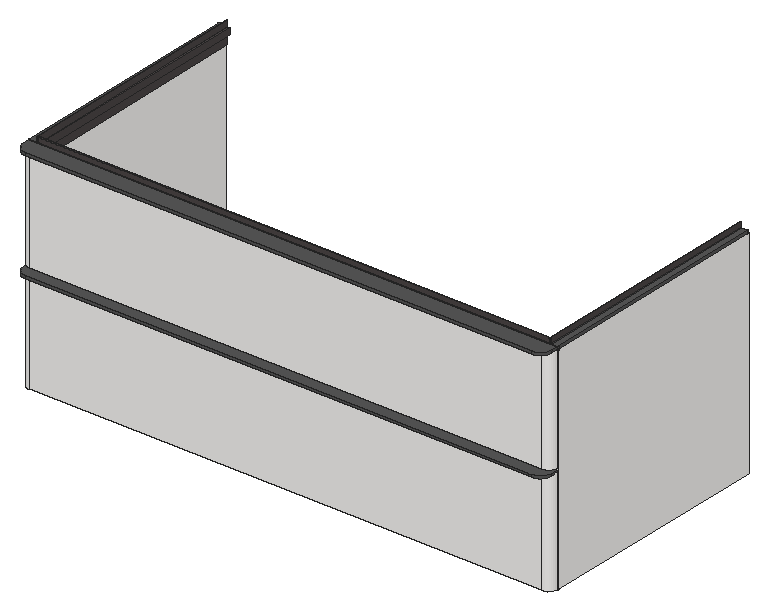
Revit family "vanity unit with 2 drawers for consoles with bowl", category Furniture, Revit 2019 (continued)
Definition of nested family "vanity unit 780_550 with 2 drawers for consoles with bowl-54074670-high gloss white-matt_black-400_content"
  Forms (mm)
    Extrusion 12, solid, visible <- "ContentVisible", detail levels medium+fine
      sketch origin (0, 0, 0) x (1, 0, 0) y (0, 0, -1)
        loop
          line (372.5, -446.8) -> (372.5, -485) -> (374, -485) -> (374, -446.8) -> (372.5, -446.8)
      from -530 to 0
    Extrusion 13, solid, visible <- "ContentVisible", detail levels medium+fine
      sketch origin (0, 0, 480) x (1, 0, 0) y (0, 1, 0)
        loop
          line (-390, -3) -> (-390, -527)
          arc (-390, -527) -> (-389.121, -529.121) -> (-387, -530) r 3
          line (-387, -530) -> (-374, -530) -> (-374, 0) -> (-387, 0)
          arc (-387, 0) -> (-389.121, -0.879) -> (-390, -3) r 3
      from 0 to 5
    Extrusion 14, solid, visible <- "ContentVisible", detail levels medium+fine
      sketch origin (0, 0, 480) x (1, 0, 0) y (0, 1, 0)
        loop
          line (374, 0) -> (374, -530) -> (387, -530)
          arc (387, -530) -> (389.121, -529.121) -> (390, -527) r 3
          line (390, -527) -> (390, -3)
          arc (390, -3) -> (389.121, -0.879) -> (387, 0) r 3
          line (387, 0) -> (374, 0)
      from 0 to 5
    Extrusion 15, solid, visible <- "ContentVisible", detail levels medium+fine
      sketch origin (0, 0, 0) x (1, 0, 0) y (0, 0, -1)
        loop
          line (-372.5, -447) -> (-372.5, -496) -> (-371, -496) -> (-371, -483) -> (-366.4, -483) -> (-366.4, -468.5) -> (-371, -468.5) -> (-371, -447) -> (-372.5, -447)
      from -528.5 to 0
    Extrusion 16, solid, visible <- "ContentVisible", detail levels medium+fine
      sketch origin (0, 0, 0) x (1, 0, 0) y (0, 0, -1)
        loop
          line (366.4, -468.5) -> (366.4, -483) -> (371, -483) -> (371, -496) -> (372.5, -496) -> (372.5, -447) -> (371, -447) -> (371, -468.5) -> (366.4, -468.5)
      from -528.5 to 0
    Extrusion 17, solid, visible <- "ContentVisible", detail levels medium+fine
      sketch origin (0, 0, 0) x (0, 0, -1) y (0, 1, 0)
        loop
          line (-496, -528.5) -> (-447, -528.5) -> (-447, -527) -> (-468.5, -527) -> (-468.5, -522.4) -> (-483, -522.4) -> (-483, -527) -> (-496, -527) -> (-496, -528.5)
      from -372.5 to 372.5
    Extrusion 18, solid, visible <- "ContentVisible", detail levels coarse
      sketch origin (0, -285.5, 0) x (1, 0, 0) y (0, 1, 0)
        loop
          line (-390, -285.5) -> (390, -285.5) -> (390, 285.5) -> (-390, 285.5) -> (-390, -285.5)
      from 0 to 496
  Dimensions and locks
    aligned and locked: level to plane 2
Definition of nested family "vanity unit 780_550 with 2 drawers for consoles with bowl-54074700-high gloss white-matt_white-200_content"
  Parameters (values of type "Vanity unit 780_550 with 2 drawers for consoles with bowl-54074700-High Gloss White-MATT_WHITE-200_Content")
    etim7_EC011381 = "EC011381"
    WEIGHT = "31.3"
    UNSPSC = "56 | Furniture and Furnishings"
    UNIFORMATII = "E2010 | Fixed Furnishings"
    UNICLASS_2015_CODE = "40_30_78_05"
    UNICLASS2015 = "Pr_40_30_78_05 | Bathroom furniture"
    SURFACE = "MATT_WHITE"
    REGIONSET = "Worldwide"
    PRODUCTURL = "https://pro.hansgrohe.com/articledetail--54074000"
    PRODUCTGROUP = "vanity unit"
    PRODUCTFAMILY = "Xelu Q"
    PERMALINK = "54074XXX"
    OMNICLASS = "23-21 19 15 33 13 | Residential Bathroom Specialty Casework"
    OBJECTTYPE = "Object (single object)"
    OBERFLAECHE = "High Gloss White"
    NN = "Vanity unit with 2 drawers for consoles with bowl"
    NBSYN = "$BASENUMBER.-$ARTNR.-$OBERFLAECHE.-$SURFACE.-$LODLEVEL."
    NB = "Vanity unit 780/550 with 2 drawers for consoles with bowl-54074700-High Gloss White-MATT_WHITE-200"
    NAME = "Xelu Q Vanity unit High Gloss White 780/550 with 2 drawers for consoles with bowl"
    Model = "Vanity unit 780/550 with 2 drawers for consoles with bowl-54074700-High Gloss White-MATT_WHITE-200"
    Manufacturer = "Hansgrohe"
    MASTERFORMAT = "12 35 30.23 | Bathroom Casework"
    LODLEVEL = "200"
    LINA = "Vanity unit 780/550 with 2 drawers for consoles with bowl-54074700-High Gloss White-MATT_WHITE-200"
    L = 780
    IFC = "Furnishing element"
    GTINCODE = "4059625456538"
    ETIM = "EC011381 | Bathroom furniture set"
    Default Elevation = 1219.2 mm
    DESIGN = "Germany"
    ContentVisible [instance] = yes
    CATALOG = "Hansgrohe"
    BIMOBJECT = "Sanitary: Compound units"
    BASENUMBER = "Vanity unit 780/550 with 2 drawers for consoles with bowl"
    ARTNR = "54074700"
  Reference planes
    plane 1 "Center (Front/Back)": y = 0
    plane 2: z = 0
    plane 3 "Center (Left/Right)": x = 0
  Forms (mm)
    Extrusion 1, solid, visible <- "ContentVisible", detail levels medium+fine
      sketch origin (0, 0, 0) x (1, 0, 0) y (0, 1, 0)
        loop
          line (-390, 0) -> (-390, -551) -> (390, -551) -> (390, 0) -> (374, 0) -> (374, -117) -> (-374, -117) -> (-374, 0) -> (-390, 0)
      from 0 to 480
    Extrusion 2, solid, visible <- "ContentVisible", detail levels medium+fine
      sketch origin (0, 0, 234) x (1, 0, 0) y (0, 1, 0)
        loop
          line (-388.5, -528.5) -> (-388.5, -571) -> (388.5, -571) -> (388.5, -528.5) -> (-388.5, -528.5)
      from 0 to 5
    Extrusion 3, solid, visible <- "ContentVisible", detail levels medium+fine
      sketch origin (0, 0, 480) x (1, 0, 0) y (0, 1, 0)
        loop
          line (-388.5, -528.5) -> (-388.5, -571) -> (388.5, -571) -> (388.5, -528.5) -> (-388.5, -528.5)
      from 0 to 5
    Extrusion 4, solid, visible <- "ContentVisible", detail levels medium+fine
      sketch origin (0, 0, 0) x (1, 0, 0) y (0, 0, -1)
        loop
          line (-374, -447) -> (-374, -485) -> (-372.5, -485) -> (-372.5, -447) -> (-374, -447)
      from -530 to 0
    Extrusion 5, solid, visible <- "ContentVisible", detail levels medium+fine
      sketch origin (0, 0, 0) x (1, 0, 0) y (0, 0, -1)
        loop
          line (372.5, -446.8) -> (372.5, -485) -> (374, -485) -> (374, -446.8) -> (372.5, -446.8)
      from -530 to 0
    Extrusion 6, solid, visible <- "ContentVisible", detail levels medium+fine
      sketch origin (0, 0, 480) x (1, 0, 0) y (0, 1, 0)
        loop
          line (-390, 0) -> (-390, -530) -> (-374, -530) -> (-374, 0) -> (-390, 0)
      from 0 to 5
    Extrusion 7, solid, visible <- "ContentVisible", detail levels medium+fine
      sketch origin (0, 0, 480) x (1, 0, 0) y (0, 1, 0)
        loop
          line (374, 0) -> (374, -530) -> (390, -530) -> (390, 0) -> (374, 0)
      from 0 to 5
    Extrusion 8, solid, visible <- "ContentVisible", detail levels medium+fine
      sketch origin (0, 0, 0) x (1, 0, 0) y (0, 0, -1)
        loop
          line (-372.5, -447) -> (-372.5, -496) -> (-366.4, -496) -> (-366.4, -447) -> (-372.5, -447)
      from -528.5 to 0
    Extrusion 9, solid, visible <- "ContentVisible", detail levels medium+fine
      sketch origin (0, 0, 0) x (1, 0, 0) y (0, 0, -1)
        loop
          line (366.4, -447) -> (366.4, -496) -> (372.5, -496) -> (372.5, -447) -> (366.4, -447)
      from -528.5 to 0
    Extrusion 10, solid, visible <- "ContentVisible", detail levels medium+fine
      sketch origin (0, 0, 0) x (0, 0, -1) y (0, 1, 0)
        loop
          line (-496, -528.5) -> (-447, -528.5) -> (-447, -522.4) -> (-496, -522.4) -> (-496, -528.5)
      from -372.5 to 372.5
    Extrusion 11, solid, visible <- "ContentVisible", detail levels coarse
      sketch origin (0, -285.5, 0) x (1, 0, 0) y (0, 1, 0)
        loop
          line (-390, -285.5) -> (390, -285.5) -> (390, 285.5) -> (-390, 285.5) -> (-390, -285.5)
      from 0 to 496
  Dimensions and locks
    aligned and locked: level to plane 2
Definition of nested family "vanity unit 780_550 with 2 drawers for consoles with bowl-54074700-high gloss white-matt_white-400_content"
  Parameters (values of type "Vanity unit 780_550 with 2 drawers for consoles with bowl-54074700-High Gloss White-MATT_WHITE-400_Content")
    etim7_EC011381 = "EC011381"
    WEIGHT = "31.3"
    UNSPSC = "56 | Furniture and Furnishings"
    UNIFORMATII = "E2010 | Fixed Furnishings"
    UNICLASS_2015_CODE = "40_30_78_05"
    UNICLASS2015 = "Pr_40_30_78_05 | Bathroom furniture"
    SURFACE = "MATT_WHITE"
    REGIONSET = "Worldwide"
    PRODUCTURL = "https://pro.hansgrohe.com/articledetail--54074000"
    PRODUCTGROUP = "vanity unit"
    PRODUCTFAMILY = "Xelu Q"
    PERMALINK = "54074XXX"
    OMNICLASS = "23-21 19 15 33 13 | Residential Bathroom Specialty Casework"
    OBJECTTYPE = "Object (single object)"
    OBERFLAECHE = "High Gloss White"
    NN = "Vanity unit with 2 drawers for consoles with bowl"
    NBSYN = "$BASENUMBER.-$ARTNR.-$OBERFLAECHE.-$SURFACE.-$LODLEVEL."
    NB = "Vanity unit 780/550 with 2 drawers for consoles with bowl-54074700-High Gloss White-MATT_WHITE-400"
    NAME = "Xelu Q Vanity unit High Gloss White 780/550 with 2 drawers for consoles with bowl"
    Model = "Vanity unit 780/550 with 2 drawers for consoles with bowl-54074700-High Gloss White-MATT_WHITE-400"
    Manufacturer = "Hansgrohe"
    MASTERFORMAT = "12 35 30.23 | Bathroom Casework"
    LODLEVEL = "400"
    LINA = "Vanity unit 780/550 with 2 drawers for consoles with bowl-54074700-High Gloss White-MATT_WHITE-400"
    L = 780
    IFC = "Furnishing element"
    GTINCODE = "4059625456538"
    ETIM = "EC011381 | Bathroom furniture set"
    Default Elevation = 1219.2 mm
    DESIGN = "Germany"
    ContentVisible [instance] = yes
    CATALOG = "Hansgrohe"
    BIMOBJECT = "Sanitary: Compound units"
    BASENUMBER = "Vanity unit 780/550 with 2 drawers for consoles with bowl"
    ARTNR = "54074700"
  Reference planes
    plane 1 "Center (Front/Back)": y = 0
    plane 2: z = 0
    plane 3 "Center (Left/Right)": x = 0
  Forms (mm)
    Extrusion 1, solid, visible <- "ContentVisible", detail levels medium+fine
      sketch origin (0, 0, 0) x (1, 0, 0) y (0, 1, 0)
        loop
          line (-390, 0) -> (-390, -527)
          arc (-390, -527) -> (-389.121, -529.121) -> (-387, -530) r 3
          line (-387, -530) -> (-374, -530) -> (-374, 0) -> (-390, 0)
      from 0 to 480
    Extrusion 2, solid, visible <- "ContentVisible", detail levels medium+fine
      sketch origin (0, 0, 0) x (1, 0, 0) y (0, 1, 0)
        loop
          line (-374, -133) -> (-374, -499.5) -> (374, -499.5) -> (374, -133) -> (-374, -133)
      from 0 to 16
    Extrusion 3, solid, visible <- "ContentVisible", detail levels medium+fine
      sketch origin (0, 0, 0) x (1, 0, 0) y (0, 1, 0)
        loop
          line (374, 0) -> (374, -530) -> (387, -530)
          arc (387, -530) -> (389.121, -529.121) -> (390, -527) r 3
          line (390, -527) -> (390, 0) -> (374, 0)
      from 0 to 480
    Extrusion 4, solid, visible <- "ContentVisible", detail levels medium+fine
      sketch origin (0, 0, 0) x (1, 0, 0) y (0, 1, 0)
        loop
          line (-374, -117) -> (-374, -133) -> (374, -133) -> (374, -117) -> (-374, -117)
      from 0 to 126
    Extrusion 5, solid, visible <- "ContentVisible", detail levels medium+fine
      sketch origin (0, 0, 2) x (1, 0, 0) y (0, 1, 0)
        loop
          arc (-390, -532) -> (-384.435, -545.435) -> (-371, -551) r 19
          line (-371, -551) -> (371, -551)
          arc (371, -551) -> (384.435, -545.435) -> (390, -532) r 19
          line (390, -532) -> (390, -530) -> (-390, -530) -> (-390, -532)
      from 0 to 234
    Extrusion 6, solid, visible <- "ContentVisible", detail levels medium+fine
      sketch origin (0, 0, 234) x (1, 0, 0) y (0, 1, 0)
        loop
          line (-388.5, -530) -> (-388.5, -546)
          arc (-388.5, -546) -> (-381.178, -563.678) -> (-363.5, -571) r 25
          line (-363.5, -571) -> (363.5, -571)
          arc (363.5, -571) -> (381.178, -563.678) -> (388.5, -546) r 25
          line (388.5, -546) -> (388.5, -530) -> (368.5, -530) -> (368.5, -528.5) -> (-368.5, -528.5) -> (-368.5, -530) -> (-388.5, -530)
      from 0 to 5
    Extrusion 7, solid, visible <- "ContentVisible", detail levels medium+fine
      sketch origin (0, 0, 0) x (0, 0, -1) y (0, 1, 0)
        loop
          line (-239, -528.5) -> (-239, -530) -> (-209, -530) -> (-209, -528.5) -> (-239, -528.5)
      from -368.5 to 368.5
    Extrusion 8, solid, visible <- "ContentVisible", detail levels medium+fine
      sketch origin (0, 0, 245) x (1, 0, 0) y (0, 1, 0)
        loop
          arc (-390, -532) -> (-384.435, -545.435) -> (-371, -551) r 19
          line (-371, -551) -> (371, -551)
          arc (371, -551) -> (384.435, -545.435) -> (390, -532) r 19
          line (390, -532) -> (390, -530) -> (-390, -530) -> (-390, -532)
      from 0 to 235
    Extrusion 9, solid, visible <- "ContentVisible", detail levels medium+fine
      sketch origin (0, 0, 480) x (1, 0, 0) y (0, 1, 0)
        loop
          line (-388.5, -530) -> (-388.5, -546)
          arc (-388.5, -546) -> (-381.178, -563.678) -> (-363.5, -571) r 25
          line (-363.5, -571) -> (363.5, -571)
          arc (363.5, -571) -> (381.178, -563.678) -> (388.5, -546) r 25
          line (388.5, -546) -> (388.5, -530) -> (368.5, -530) -> (368.5, -528.5) -> (-368.5, -528.5) -> (-368.5, -530) -> (-388.5, -530)
      from 0 to 5
    Extrusion 10, solid, visible <- "ContentVisible", detail levels medium+fine
      sketch origin (0, 0, 0) x (0, 0, -1) y (0, 1, 0)
        loop
          line (-485, -528.5) -> (-485, -530) -> (-455, -530) -> (-455, -528.5) -> (-485, -528.5)
      from -368.5 to 368.5
    Extrusion 11, solid, visible <- "ContentVisible", detail levels medium+fine
      sketch origin (0, 0, 0) x (1, 0, 0) y (0, 0, -1)
        loop
          line (-374, -447) -> (-374, -485) -> (-372.5, -485) -> (-372.5, -447) -> (-374, -447)
      from -530 to 0
    Extrusion 12, solid, visible <- "ContentVisible", detail levels medium+fine
      sketch origin (0, 0, 0) x (1, 0, 0) y (0, 0, -1)
        loop
          line (372.5, -446.8) -> (372.5, -485) -> (374, -485) -> (374, -446.8) -> (372.5, -446.8)
      from -530 to 0
    Extrusion 13, solid, visible <- "ContentVisible", detail levels medium+fine
      sketch origin (0, 0, 480) x (1, 0, 0) y (0, 1, 0)
        loop
          line (-390, -3) -> (-390, -527)
          arc (-390, -527) -> (-389.121, -529.121) -> (-387, -530) r 3
          line (-387, -530) -> (-374, -530) -> (-374, 0) -> (-387, 0)
          arc (-387, 0) -> (-389.121, -0.879) -> (-390, -3) r 3
      from 0 to 5
    Extrusion 14, solid, visible <- "ContentVisible", detail levels medium+fine
      sketch origin (0, 0, 480) x (1, 0, 0) y (0, 1, 0)
        loop
          line (374, 0) -> (374, -530) -> (387, -530)
          arc (387, -530) -> (389.121, -529.121) -> (390, -527) r 3
          line (390, -527) -> (390, -3)
          arc (390, -3) -> (389.121, -0.879) -> (387, 0) r 3
          line (387, 0) -> (374, 0)
      from 0 to 5
    Extrusion 15, solid, visible <- "ContentVisible", detail levels medium+fine
      sketch origin (0, 0, 0) x (1, 0, 0) y (0, 0, -1)
        loop
          line (-372.5, -447) -> (-372.5, -496) -> (-371, -496) -> (-371, -483) -> (-366.4, -483) -> (-366.4, -468.5) -> (-371, -468.5) -> (-371, -447) -> (-372.5, -447)
      from -528.5 to 0
    Extrusion 16, solid, visible <- "ContentVisible", detail levels medium+fine
      sketch origin (0, 0, 0) x (1, 0, 0) y (0, 0, -1)
        loop
          line (366.4, -468.5) -> (366.4, -483) -> (371, -483) -> (371, -496) -> (372.5, -496) -> (372.5, -447) -> (371, -447) -> (371, -468.5) -> (366.4, -468.5)
      from -528.5 to 0
    Extrusion 17, solid, visible <- "ContentVisible", detail levels medium+fine
      sketch origin (0, 0, 0) x (0, 0, -1) y (0, 1, 0)
        loop
          line (-496, -528.5) -> (-447, -528.5) -> (-447, -527) -> (-468.5, -527) -> (-468.5, -522.4) -> (-483, -522.4) -> (-483, -527) -> (-496, -527) -> (-496, -528.5)
      from -372.5 to 372.5
    Extrusion 18, solid, visible <- "ContentVisible", detail levels coarse
      sketch origin (0, -285.5, 0) x (1, 0, 0) y (0, 1, 0)
        loop
          line (-390, -285.5) -> (390, -285.5) -> (390, 285.5) -> (-390, 285.5) -> (-390, -285.5)
      from 0 to 496
  Dimensions and locks
    aligned and locked: level to plane 2
Definition of nested family "vanity unit 780_550 with 2 drawers for consoles with bowl-54075000-diamond matt grey-chrome-200_content"
  Parameters (values of type "Vanity unit 780_550 with 2 drawers for consoles with bowl-54075000-Diamond Matt Grey-CHROME-200_Content")
    etim7_EC011381 = "EC011381"
    WEIGHT = "31.3"
    UNSPSC = "56 | Furniture and Furnishings"
    UNIFORMATII = "E2010 | Fixed Furnishings"
    UNICLASS_2015_CODE = "40_30_78_05"
    UNICLASS2015 = "Pr_40_30_78_05 | Bathroom furniture"
    SURFACE = "CHROME"
    REGIONSET = "Worldwide"
    PRODUCTURL = "https://pro.hansgrohe.com/articledetail--54075000"
    PRODUCTGROUP = "vanity unit"
    PRODUCTFAMILY = "Xelu Q"
    PERMALINK = "54075XXX"
    OMNICLASS = "23-21 19 15 33 13 | Residential Bathroom Specialty Casework"
    OBJECTTYPE = "Object (single object)"
    OBERFLAECHE = "Diamond Matt Grey"
    NN = "Vanity unit with 2 drawers for consoles with bowl"
    NBSYN = "$BASENUMBER.-$ARTNR.-$OBERFLAECHE.-$SURFACE.-$LODLEVEL."
    NB = "Vanity unit 780/550 with 2 drawers for consoles with bowl-54075000-Diamond Matt Grey-CHROME-200"
    NAME = "Xelu Q Vanity unit Diamond Matt Grey 780/550 with 2 drawers for consoles with bowl"
    Model = "Vanity unit 780/550 with 2 drawers for consoles with bowl-54075000-Diamond Matt Grey-CHROME-200"
    Manufacturer = "Hansgrohe"
    MASTERFORMAT = "12 35 30.23 | Bathroom Casework"
    LODLEVEL = "200"
    LINA = "Vanity unit 780/550 with 2 drawers for consoles with bowl-54075000-Diamond Matt Grey-CHROME-200"
    L = 780
    IFC = "Furnishing element"
    GTINCODE = "4059625456507"
    ETIM = "EC011381 | Bathroom furniture set"
    Default Elevation = 1219.2 mm
    DESIGN = "Germany"
    ContentVisible [instance] = yes
    CATALOG = "Hansgrohe"
    BIMOBJECT = "Sanitary: Compound units"
    BASENUMBER = "Vanity unit 780/550 with 2 drawers for consoles with bowl"
    ARTNR = "54075000"
  Reference planes
    plane 1 "Center (Front/Back)": y = 0
    plane 2: z = 0
    plane 3 "Center (Left/Right)": x = 0
  Forms (mm)
    Extrusion 1, solid, visible <- "ContentVisible", detail levels medium+fine
      sketch origin (0, 0, 0) x (1, 0, 0) y (0, 1, 0)
        loop
          line (-390, 0) -> (-390, -551) -> (390, -551) -> (390, 0) -> (374, 0) -> (374, -117) -> (-374, -117) -> (-374, 0) -> (-390, 0)
      from 0 to 480
    Extrusion 2, solid, visible <- "ContentVisible", detail levels medium+fine
      sketch origin (0, 0, 234) x (1, 0, 0) y (0, 1, 0)
        loop
          line (-388.5, -528.5) -> (-388.5, -571) -> (388.5, -571) -> (388.5, -528.5) -> (-388.5, -528.5)
      from 0 to 5
    Extrusion 3, solid, visible <- "ContentVisible", detail levels medium+fine
      sketch origin (0, 0, 480) x (1, 0, 0) y (0, 1, 0)
        loop
          line (-388.5, -528.5) -> (-388.5, -571) -> (388.5, -571) -> (388.5, -528.5) -> (-388.5, -528.5)
      from 0 to 5
    Extrusion 4, solid, visible <- "ContentVisible", detail levels medium+fine
      sketch origin (0, 0, 0) x (1, 0, 0) y (0, 0, -1)
        loop
          line (-374, -447) -> (-374, -485) -> (-372.5, -485) -> (-372.5, -447) -> (-374, -447)
      from -530 to 0
    Extrusion 5, solid, visible <- "ContentVisible", detail levels medium+fine
      sketch origin (0, 0, 0) x (1, 0, 0) y (0, 0, -1)
        loop
          line (372.5, -446.8) -> (372.5, -485) -> (374, -485) -> (374, -446.8) -> (372.5, -446.8)
      from -530 to 0
    Extrusion 6, solid, visible <- "ContentVisible", detail levels medium+fine
      sketch origin (0, 0, 480) x (1, 0, 0) y (0, 1, 0)
        loop
          line (-390, 0) -> (-390, -530) -> (-374, -530) -> (-374, 0) -> (-390, 0)
      from 0 to 5
    Extrusion 7, solid, visible <- "ContentVisible", detail levels medium+fine
      sketch origin (0, 0, 480) x (1, 0, 0) y (0, 1, 0)
        loop
          line (374, 0) -> (374, -530) -> (390, -530) -> (390, 0) -> (374, 0)
      from 0 to 5
    Extrusion 8, solid, visible <- "ContentVisible", detail levels medium+fine
      sketch origin (0, 0, 0) x (1, 0, 0) y (0, 0, -1)
        loop
          line (-372.5, -447) -> (-372.5, -496) -> (-366.4, -496) -> (-366.4, -447) -> (-372.5, -447)
      from -528.5 to 0
    Extrusion 9, solid, visible <- "ContentVisible", detail levels medium+fine
      sketch origin (0, 0, 0) x (1, 0, 0) y (0, 0, -1)
        loop
          line (366.4, -447) -> (366.4, -496) -> (372.5, -496) -> (372.5, -447) -> (366.4, -447)
      from -528.5 to 0
    Extrusion 10, solid, visible <- "ContentVisible", detail levels medium+fine
      sketch origin (0, 0, 0) x (0, 0, -1) y (0, 1, 0)
        loop
          line (-496, -528.5) -> (-447, -528.5) -> (-447, -522.4) -> (-496, -522.4) -> (-496, -528.5)
      from -372.5 to 372.5
    Extrusion 11, solid, visible <- "ContentVisible", detail levels coarse
      sketch origin (0, -285.5, 0) x (1, 0, 0) y (0, 1, 0)
        loop
          line (-390, -285.5) -> (390, -285.5) -> (390, 285.5) -> (-390, 285.5) -> (-390, -285.5)
      from 0 to 496
  Dimensions and locks
    aligned and locked: level to plane 2
Definition of nested family "vanity unit 780_550 with 2 drawers for consoles with bowl-54075000-diamond matt grey-chrome-400_content"
  Parameters (values of type "Vanity unit 780_550 with 2 drawers for consoles with bowl-54075000-Diamond Matt Grey-CHROME-400_Content")
    etim7_EC011381 = "EC011381"
    WEIGHT = "31.3"
    UNSPSC = "56 | Furniture and Furnishings"
    UNIFORMATII = "E2010 | Fixed Furnishings"
    UNICLASS_2015_CODE = "40_30_78_05"
    UNICLASS2015 = "Pr_40_30_78_05 | Bathroom furniture"
    SURFACE = "CHROME"
    REGIONSET = "Worldwide"
    PRODUCTURL = "https://pro.hansgrohe.com/articledetail--54075000"
    PRODUCTGROUP = "vanity unit"
    PRODUCTFAMILY = "Xelu Q"
    PERMALINK = "54075XXX"
    OMNICLASS = "23-21 19 15 33 13 | Residential Bathroom Specialty Casework"
    OBJECTTYPE = "Object (single object)"
    OBERFLAECHE = "Diamond Matt Grey"
    NN = "Vanity unit with 2 drawers for consoles with bowl"
    NBSYN = "$BASENUMBER.-$ARTNR.-$OBERFLAECHE.-$SURFACE.-$LODLEVEL."
    NB = "Vanity unit 780/550 with 2 drawers for consoles with bowl-54075000-Diamond Matt Grey-CHROME-400"
    NAME = "Xelu Q Vanity unit Diamond Matt Grey 780/550 with 2 drawers for consoles with bowl"
    Model = "Vanity unit 780/550 with 2 drawers for consoles with bowl-54075000-Diamond Matt Grey-CHROME-400"
    Manufacturer = "Hansgrohe"
    MASTERFORMAT = "12 35 30.23 | Bathroom Casework"
    LODLEVEL = "400"
    LINA = "Vanity unit 780/550 with 2 drawers for consoles with bowl-54075000-Diamond Matt Grey-CHROME-400"
    L = 780
    IFC = "Furnishing element"
    GTINCODE = "4059625456507"
    ETIM = "EC011381 | Bathroom furniture set"
    Default Elevation = 1219.2 mm
    DESIGN = "Germany"
    ContentVisible [instance] = yes
    CATALOG = "Hansgrohe"
    BIMOBJECT = "Sanitary: Compound units"
    BASENUMBER = "Vanity unit 780/550 with 2 drawers for consoles with bowl"
    ARTNR = "54075000"
  Reference planes
    plane 1 "Center (Front/Back)": y = 0
    plane 2: z = 0
    plane 3 "Center (Left/Right)": x = 0
  Forms (mm)
    Extrusion 1, solid, visible <- "ContentVisible", detail levels medium+fine
      sketch origin (0, 0, 0) x (1, 0, 0) y (0, 1, 0)
        loop
          line (-390, 0) -> (-390, -527)
          arc (-390, -527) -> (-389.121, -529.121) -> (-387, -530) r 3
          line (-387, -530) -> (-374, -530) -> (-374, 0) -> (-390, 0)
      from 0 to 480
    Extrusion 2, solid, visible <- "ContentVisible", detail levels medium+fine
      sketch origin (0, 0, 0) x (1, 0, 0) y (0, 1, 0)
        loop
          line (-374, -133) -> (-374, -499.5) -> (374, -499.5) -> (374, -133) -> (-374, -133)
      from 0 to 16
    Extrusion 3, solid, visible <- "ContentVisible", detail levels medium+fine
      sketch origin (0, 0, 0) x (1, 0, 0) y (0, 1, 0)
        loop
          line (374, 0) -> (374, -530) -> (387, -530)
          arc (387, -530) -> (389.121, -529.121) -> (390, -527) r 3
          line (390, -527) -> (390, 0) -> (374, 0)
      from 0 to 480
    Extrusion 4, solid, visible <- "ContentVisible", detail levels medium+fine
      sketch origin (0, 0, 0) x (1, 0, 0) y (0, 1, 0)
        loop
          line (-374, -117) -> (-374, -133) -> (374, -133) -> (374, -117) -> (-374, -117)
      from 0 to 126
    Extrusion 5, solid, visible <- "ContentVisible", detail levels medium+fine
      sketch origin (0, 0, 2) x (1, 0, 0) y (0, 1, 0)
        loop
          arc (-390, -532) -> (-384.435, -545.435) -> (-371, -551) r 19
          line (-371, -551) -> (371, -551)
          arc (371, -551) -> (384.435, -545.435) -> (390, -532) r 19
          line (390, -532) -> (390, -530) -> (-390, -530) -> (-390, -532)
      from 0 to 234
    Extrusion 6, solid, visible <- "ContentVisible", detail levels medium+fine
      sketch origin (0, 0, 234) x (1, 0, 0) y (0, 1, 0)
        loop
          line (-388.5, -530) -> (-388.5, -546)
          arc (-388.5, -546) -> (-381.178, -563.678) -> (-363.5, -571) r 25
          line (-363.5, -571) -> (363.5, -571)
          arc (363.5, -571) -> (381.178, -563.678) -> (388.5, -546) r 25
          line (388.5, -546) -> (388.5, -530) -> (368.5, -530) -> (368.5, -528.5) -> (-368.5, -528.5) -> (-368.5, -530) -> (-388.5, -530)
      from 0 to 5
    Extrusion 7, solid, visible <- "ContentVisible", detail levels medium+fine
      sketch origin (0, 0, 0) x (0, 0, -1) y (0, 1, 0)
        loop
          line (-239, -528.5) -> (-239, -530) -> (-209, -530) -> (-209, -528.5) -> (-239, -528.5)
      from -368.5 to 368.5
    Extrusion 8, solid, visible <- "ContentVisible", detail levels medium+fine
      sketch origin (0, 0, 245) x (1, 0, 0) y (0, 1, 0)
        loop
          arc (-390, -532) -> (-384.435, -545.435) -> (-371, -551) r 19
          line (-371, -551) -> (371, -551)
          arc (371, -551) -> (384.435, -545.435) -> (390, -532) r 19
          line (390, -532) -> (390, -530) -> (-390, -530) -> (-390, -532)
      from 0 to 235
    Extrusion 9, solid, visible <- "ContentVisible", detail levels medium+fine
      sketch origin (0, 0, 480) x (1, 0, 0) y (0, 1, 0)
        loop
          line (-388.5, -530) -> (-388.5, -546)
          arc (-388.5, -546) -> (-381.178, -563.678) -> (-363.5, -571) r 25
          line (-363.5, -571) -> (363.5, -571)
          arc (363.5, -571) -> (381.178, -563.678) -> (388.5, -546) r 25
          line (388.5, -546) -> (388.5, -530) -> (368.5, -530) -> (368.5, -528.5) -> (-368.5, -528.5) -> (-368.5, -530) -> (-388.5, -530)
      from 0 to 5
    Extrusion 10, solid, visible <- "ContentVisible", detail levels medium+fine
      sketch origin (0, 0, 0) x (0, 0, -1) y (0, 1, 0)
        loop
          line (-485, -528.5) -> (-485, -530) -> (-455, -530) -> (-455, -528.5) -> (-485, -528.5)
      from -368.5 to 368.5
    Extrusion 11, solid, visible <- "ContentVisible", detail levels medium+fine
      sketch origin (0, 0, 0) x (1, 0, 0) y (0, 0, -1)
        loop
          line (-374, -447) -> (-374, -485) -> (-372.5, -485) -> (-372.5, -447) -> (-374, -447)
      from -530 to 0
    Extrusion 12, solid, visible <- "ContentVisible", detail levels medium+fine
      sketch origin (0, 0, 0) x (1, 0, 0) y (0, 0, -1)
        loop
          line (372.5, -446.8) -> (372.5, -485) -> (374, -485) -> (374, -446.8) -> (372.5, -446.8)
      from -530 to 0
    Extrusion 13, solid, visible <- "ContentVisible", detail levels medium+fine
      sketch origin (0, 0, 480) x (1, 0, 0) y (0, 1, 0)
        loop
          line (-390, -3) -> (-390, -527)
          arc (-390, -527) -> (-389.121, -529.121) -> (-387, -530) r 3
          line (-387, -530) -> (-374, -530) -> (-374, 0) -> (-387, 0)
          arc (-387, 0) -> (-389.121, -0.879) -> (-390, -3) r 3
      from 0 to 5
    Extrusion 14, solid, visible <- "ContentVisible", detail levels medium+fine
      sketch origin (0, 0, 480) x (1, 0, 0) y (0, 1, 0)
        loop
          line (374, 0) -> (374, -530) -> (387, -530)
          arc (387, -530) -> (389.121, -529.121) -> (390, -527) r 3
          line (390, -527) -> (390, -3)
          arc (390, -3) -> (389.121, -0.879) -> (387, 0) r 3
          line (387, 0) -> (374, 0)
      from 0 to 5
    Extrusion 15, solid, visible <- "ContentVisible", detail levels medium+fine
      sketch origin (0, 0, 0) x (1, 0, 0) y (0, 0, -1)
        loop
          line (-372.5, -447) -> (-372.5, -496) -> (-371, -496) -> (-371, -483) -> (-366.4, -483) -> (-366.4, -468.5) -> (-371, -468.5) -> (-371, -447) -> (-372.5, -447)
      from -528.5 to 0
    Extrusion 16, solid, visible <- "ContentVisible", detail levels medium+fine
      sketch origin (0, 0, 0) x (1, 0, 0) y (0, 0, -1)
        loop
          line (366.4, -468.5) -> (366.4, -483) -> (371, -483) -> (371, -496) -> (372.5, -496) -> (372.5, -447) -> (371, -447) -> (371, -468.5) -> (366.4, -468.5)
      from -528.5 to 0
    Extrusion 17, solid, visible <- "ContentVisible", detail levels medium+fine
      sketch origin (0, 0, 0) x (0, 0, -1) y (0, 1, 0)
        loop
          line (-496, -528.5) -> (-447, -528.5) -> (-447, -527) -> (-468.5, -527) -> (-468.5, -522.4) -> (-483, -522.4) -> (-483, -527) -> (-496, -527) -> (-496, -528.5)
      from -372.5 to 372.5
    Extrusion 18, solid, visible <- "ContentVisible", detail levels coarse
      sketch origin (0, -285.5, 0) x (1, 0, 0) y (0, 1, 0)
        loop
          line (-390, -285.5) -> (390, -285.5) -> (390, 285.5) -> (-390, 285.5) -> (-390, -285.5)
      from 0 to 496
  Dimensions and locks
    aligned and locked: level to plane 2
Definition of nested family "vanity unit 780_550 with 2 drawers for consoles with bowl-54075670-diamond matt grey-matt_black-200_content"
  Parameters (values of type "Vanity unit 780_550 with 2 drawers for consoles with bowl-54075670-Diamond Matt Grey-MATT_BLACK-200_Content")
    etim7_EC011381 = "EC011381"
    WEIGHT = "31.3"
    UNSPSC = "56 | Furniture and Furnishings"
    UNIFORMATII = "E2010 | Fixed Furnishings"
    UNICLASS_2015_CODE = "40_30_78_05"
    UNICLASS2015 = "Pr_40_30_78_05 | Bathroom furniture"
    SURFACE = "MATT_BLACK"
    REGIONSET = "Worldwide"
    PRODUCTURL = "https://pro.hansgrohe.com/articledetail--54075000"
    PRODUCTGROUP = "vanity unit"
    PRODUCTFAMILY = "Xelu Q"
    PERMALINK = "54075XXX"
    OMNICLASS = "23-21 19 15 33 13 | Residential Bathroom Specialty Casework"
    OBJECTTYPE = "Object (single object)"
    OBERFLAECHE = "Diamond Matt Grey"
    NN = "Vanity unit with 2 drawers for consoles with bowl"
    NBSYN = "$BASENUMBER.-$ARTNR.-$OBERFLAECHE.-$SURFACE.-$LODLEVEL."
    NB = "Vanity unit 780/550 with 2 drawers for consoles with bowl-54075670-Diamond Matt Grey-MATT_BLACK-200"
    NAME = "Xelu Q Vanity unit Diamond Matt Grey 780/550 with 2 drawers for consoles with bowl"
    Model = "Vanity unit 780/550 with 2 drawers for consoles with bowl-54075670-Diamond Matt Grey-MATT_BLACK-200"
    Manufacturer = "Hansgrohe"
    MASTERFORMAT = "12 35 30.23 | Bathroom Casework"
    LODLEVEL = "200"
    LINA = "Vanity unit 780/550 with 2 drawers for consoles with bowl-54075670-Diamond Matt Grey-MATT_BLACK-200"
    L = 780
    IFC = "Furnishing element"
    GTINCODE = "4059625456507"
    ETIM = "EC011381 | Bathroom furniture set"
    Default Elevation = 1219.2 mm
    DESIGN = "Germany"
    ContentVisible [instance] = yes
    CATALOG = "Hansgrohe"
    BIMOBJECT = "Sanitary: Compound units"
    BASENUMBER = "Vanity unit 780/550 with 2 drawers for consoles with bowl"
    ARTNR = "54075670"
  Reference planes
    plane 1 "Center (Front/Back)": y = 0
    plane 2: z = 0
    plane 3 "Center (Left/Right)": x = 0
  Forms (mm)
    Extrusion 1, solid, visible <- "ContentVisible", detail levels medium+fine
      sketch origin (0, 0, 0) x (1, 0, 0) y (0, 1, 0)
        loop
          line (-390, 0) -> (-390, -551) -> (390, -551) -> (390, 0) -> (374, 0) -> (374, -117) -> (-374, -117) -> (-374, 0) -> (-390, 0)
      from 0 to 480
    Extrusion 2, solid, visible <- "ContentVisible", detail levels medium+fine
      sketch origin (0, 0, 234) x (1, 0, 0) y (0, 1, 0)
        loop
          line (-388.5, -528.5) -> (-388.5, -571) -> (388.5, -571) -> (388.5, -528.5) -> (-388.5, -528.5)
      from 0 to 5
    Extrusion 3, solid, visible <- "ContentVisible", detail levels medium+fine
      sketch origin (0, 0, 480) x (1, 0, 0) y (0, 1, 0)
        loop
          line (-388.5, -528.5) -> (-388.5, -571) -> (388.5, -571) -> (388.5, -528.5) -> (-388.5, -528.5)
      from 0 to 5
    Extrusion 4, solid, visible <- "ContentVisible", detail levels medium+fine
      sketch origin (0, 0, 0) x (1, 0, 0) y (0, 0, -1)
        loop
          line (-374, -447) -> (-374, -485) -> (-372.5, -485) -> (-372.5, -447) -> (-374, -447)
      from -530 to 0
    Extrusion 5, solid, visible <- "ContentVisible", detail levels medium+fine
      sketch origin (0, 0, 0) x (1, 0, 0) y (0, 0, -1)
        loop
          line (372.5, -446.8) -> (372.5, -485) -> (374, -485) -> (374, -446.8) -> (372.5, -446.8)
      from -530 to 0
    Extrusion 6, solid, visible <- "ContentVisible", detail levels medium+fine
      sketch origin (0, 0, 480) x (1, 0, 0) y (0, 1, 0)
        loop
          line (-390, 0) -> (-390, -530) -> (-374, -530) -> (-374, 0) -> (-390, 0)
      from 0 to 5
    Extrusion 7, solid, visible <- "ContentVisible", detail levels medium+fine
      sketch origin (0, 0, 480) x (1, 0, 0) y (0, 1, 0)
        loop
          line (374, 0) -> (374, -530) -> (390, -530) -> (390, 0) -> (374, 0)
      from 0 to 5
    Extrusion 8, solid, visible <- "ContentVisible", detail levels medium+fine
      sketch origin (0, 0, 0) x (1, 0, 0) y (0, 0, -1)
        loop
          line (-372.5, -447) -> (-372.5, -496) -> (-366.4, -496) -> (-366.4, -447) -> (-372.5, -447)
      from -528.5 to 0
    Extrusion 9, solid, visible <- "ContentVisible", detail levels medium+fine
      sketch origin (0, 0, 0) x (1, 0, 0) y (0, 0, -1)
        loop
          line (366.4, -447) -> (366.4, -496) -> (372.5, -496) -> (372.5, -447) -> (366.4, -447)
      from -528.5 to 0
    Extrusion 10, solid, visible <- "ContentVisible", detail levels medium+fine
      sketch origin (0, 0, 0) x (0, 0, -1) y (0, 1, 0)
        loop
          line (-496, -528.5) -> (-447, -528.5) -> (-447, -522.4) -> (-496, -522.4) -> (-496, -528.5)
      from -372.5 to 372.5
    Extrusion 11, solid, visible <- "ContentVisible", detail levels coarse
      sketch origin (0, -285.5, 0) x (1, 0, 0) y (0, 1, 0)
        loop
          line (-390, -285.5) -> (390, -285.5) -> (390, 285.5) -> (-390, 285.5) -> (-390, -285.5)
      from 0 to 496
  Dimensions and locks
    aligned and locked: level to plane 2
Definition of nested family "vanity unit 780_550 with 2 drawers for consoles with bowl-54075670-diamond matt grey-matt_black-400_content"
  Parameters (values of type "Vanity unit 780_550 with 2 drawers for consoles with bowl-54075670-Diamond Matt Grey-MATT_BLACK-400_Content")
    etim7_EC011381 = "EC011381"
    WEIGHT = "31.3"
    UNSPSC = "56 | Furniture and Furnishings"
    UNIFORMATII = "E2010 | Fixed Furnishings"
    UNICLASS_2015_CODE = "40_30_78_05"
    UNICLASS2015 = "Pr_40_30_78_05 | Bathroom furniture"
    SURFACE = "MATT_BLACK"
    REGIONSET = "Worldwide"
    PRODUCTURL = "https://pro.hansgrohe.com/articledetail--54075000"
    PRODUCTGROUP = "vanity unit"
    PRODUCTFAMILY = "Xelu Q"
    PERMALINK = "54075XXX"
    OMNICLASS = "23-21 19 15 33 13 | Residential Bathroom Specialty Casework"
    OBJECTTYPE = "Object (single object)"
    OBERFLAECHE = "Diamond Matt Grey"
    NN = "Vanity unit with 2 drawers for consoles with bowl"
    NBSYN = "$BASENUMBER.-$ARTNR.-$OBERFLAECHE.-$SURFACE.-$LODLEVEL."
    NB = "Vanity unit 780/550 with 2 drawers for consoles with bowl-54075670-Diamond Matt Grey-MATT_BLACK-400"
    NAME = "Xelu Q Vanity unit Diamond Matt Grey 780/550 with 2 drawers for consoles with bowl"
    Model = "Vanity unit 780/550 with 2 drawers for consoles with bowl-54075670-Diamond Matt Grey-MATT_BLACK-400"
    Manufacturer = "Hansgrohe"
    MASTERFORMAT = "12 35 30.23 | Bathroom Casework"
    LODLEVEL = "400"
    LINA = "Vanity unit 780/550 with 2 drawers for consoles with bowl-54075670-Diamond Matt Grey-MATT_BLACK-400"
    L = 780
    IFC = "Furnishing element"
    GTINCODE = "4059625456507"
    ETIM = "EC011381 | Bathroom furniture set"
    Default Elevation = 1219.2 mm
    DESIGN = "Germany"
    ContentVisible [instance] = yes
    CATALOG = "Hansgrohe"
    BIMOBJECT = "Sanitary: Compound units"
    BASENUMBER = "Vanity unit 780/550 with 2 drawers for consoles with bowl"
    ARTNR = "54075670"
  Reference planes
    plane 1 "Center (Front/Back)": y = 0
    plane 2: z = 0
    plane 3 "Center (Left/Right)": x = 0
  Forms (mm)
    Extrusion 1, solid, visible <- "ContentVisible", detail levels medium+fine
      sketch origin (0, 0, 0) x (1, 0, 0) y (0, 1, 0)
        loop
          line (-390, 0) -> (-390, -527)
          arc (-390, -527) -> (-389.121, -529.121) -> (-387, -530) r 3
          line (-387, -530) -> (-374, -530) -> (-374, 0) -> (-390, 0)
      from 0 to 480
    Extrusion 2, solid, visible <- "ContentVisible", detail levels medium+fine
      sketch origin (0, 0, 0) x (1, 0, 0) y (0, 1, 0)
        loop
          line (-374, -133) -> (-374, -499.5) -> (374, -499.5) -> (374, -133) -> (-374, -133)
      from 0 to 16
    Extrusion 3, solid, visible <- "ContentVisible", detail levels medium+fine
      sketch origin (0, 0, 0) x (1, 0, 0) y (0, 1, 0)
        loop
          line (374, 0) -> (374, -530) -> (387, -530)
          arc (387, -530) -> (389.121, -529.121) -> (390, -527) r 3
          line (390, -527) -> (390, 0) -> (374, 0)
      from 0 to 480
    Extrusion 4, solid, visible <- "ContentVisible", detail levels medium+fine
      sketch origin (0, 0, 0) x (1, 0, 0) y (0, 1, 0)
        loop
          line (-374, -117) -> (-374, -133) -> (374, -133) -> (374, -117) -> (-374, -117)
      from 0 to 126
    Extrusion 5, solid, visible <- "ContentVisible", detail levels medium+fine
      sketch origin (0, 0, 2) x (1, 0, 0) y (0, 1, 0)
        loop
          arc (-390, -532) -> (-384.435, -545.435) -> (-371, -551) r 19
          line (-371, -551) -> (371, -551)
          arc (371, -551) -> (384.435, -545.435) -> (390, -532) r 19
          line (390, -532) -> (390, -530) -> (-390, -530) -> (-390, -532)
      from 0 to 234
    Extrusion 6, solid, visible <- "ContentVisible", detail levels medium+fine
      sketch origin (0, 0, 234) x (1, 0, 0) y (0, 1, 0)
        loop
          line (-388.5, -530) -> (-388.5, -546)
          arc (-388.5, -546) -> (-381.178, -563.678) -> (-363.5, -571) r 25
          line (-363.5, -571) -> (363.5, -571)
          arc (363.5, -571) -> (381.178, -563.678) -> (388.5, -546) r 25
          line (388.5, -546) -> (388.5, -530) -> (368.5, -530) -> (368.5, -528.5) -> (-368.5, -528.5) -> (-368.5, -530) -> (-388.5, -530)
      from 0 to 5
    Extrusion 7, solid, visible <- "ContentVisible", detail levels medium+fine
      sketch origin (0, 0, 0) x (0, 0, -1) y (0, 1, 0)
        loop
          line (-239, -528.5) -> (-239, -530) -> (-209, -530) -> (-209, -528.5) -> (-239, -528.5)
      from -368.5 to 368.5
    Extrusion 8, solid, visible <- "ContentVisible", detail levels medium+fine
      sketch origin (0, 0, 245) x (1, 0, 0) y (0, 1, 0)
        loop
          arc (-390, -532) -> (-384.435, -545.435) -> (-371, -551) r 19
          line (-371, -551) -> (371, -551)
          arc (371, -551) -> (384.435, -545.435) -> (390, -532) r 19
          line (390, -532) -> (390, -530) -> (-390, -530) -> (-390, -532)
      from 0 to 235
    Extrusion 9, solid, visible <- "ContentVisible", detail levels medium+fine
      sketch origin (0, 0, 480) x (1, 0, 0) y (0, 1, 0)
        loop
          line (-388.5, -530) -> (-388.5, -546)
          arc (-388.5, -546) -> (-381.178, -563.678) -> (-363.5, -571) r 25
          line (-363.5, -571) -> (363.5, -571)
          arc (363.5, -571) -> (381.178, -563.678) -> (388.5, -546) r 25
          line (388.5, -546) -> (388.5, -530) -> (368.5, -530) -> (368.5, -528.5) -> (-368.5, -528.5) -> (-368.5, -530) -> (-388.5, -530)
      from 0 to 5
    Extrusion 10, solid, visible <- "ContentVisible", detail levels medium+fine
      sketch origin (0, 0, 0) x (0, 0, -1) y (0, 1, 0)
        loop
          line (-485, -528.5) -> (-485, -530) -> (-455, -530) -> (-455, -528.5) -> (-485, -528.5)
      from -368.5 to 368.5
    Extrusion 11, solid, visible <- "ContentVisible", detail levels medium+fine
      sketch origin (0, 0, 0) x (1, 0, 0) y (0, 0, -1)
        loop
          line (-374, -447) -> (-374, -485) -> (-372.5, -485) -> (-372.5, -447) -> (-374, -447)
      from -530 to 0
    Extrusion 12, solid, visible <- "ContentVisible", detail levels medium+fine
      sketch origin (0, 0, 0) x (1, 0, 0) y (0, 0, -1)
        loop
          line (372.5, -446.8) -> (372.5, -485) -> (374, -485) -> (374, -446.8) -> (372.5, -446.8)
      from -530 to 0
    Extrusion 13, solid, visible <- "ContentVisible", detail levels medium+fine
      sketch origin (0, 0, 480) x (1, 0, 0) y (0, 1, 0)
        loop
          line (-390, -3) -> (-390, -527)
          arc (-390, -527) -> (-389.121, -529.121) -> (-387, -530) r 3
          line (-387, -530) -> (-374, -530) -> (-374, 0) -> (-387, 0)
          arc (-387, 0) -> (-389.121, -0.879) -> (-390, -3) r 3
      from 0 to 5
    Extrusion 14, solid, visible <- "ContentVisible", detail levels medium+fine
      sketch origin (0, 0, 480) x (1, 0, 0) y (0, 1, 0)
        loop
          line (374, 0) -> (374, -530) -> (387, -530)
          arc (387, -530) -> (389.121, -529.121) -> (390, -527) r 3
          line (390, -527) -> (390, -3)
          arc (390, -3) -> (389.121, -0.879) -> (387, 0) r 3
          line (387, 0) -> (374, 0)
      from 0 to 5
    Extrusion 15, solid, visible <- "ContentVisible", detail levels medium+fine
      sketch origin (0, 0, 0) x (1, 0, 0) y (0, 0, -1)
        loop
          line (-372.5, -447) -> (-372.5, -496) -> (-371, -496) -> (-371, -483) -> (-366.4, -483) -> (-366.4, -468.5) -> (-371, -468.5) -> (-371, -447) -> (-372.5, -447)
      from -528.5 to 0
    Extrusion 16, solid, visible <- "ContentVisible", detail levels medium+fine
      sketch origin (0, 0, 0) x (1, 0, 0) y (0, 0, -1)
        loop
          line (366.4, -468.5) -> (366.4, -483) -> (371, -483) -> (371, -496) -> (372.5, -496) -> (372.5, -447) -> (371, -447) -> (371, -468.5) -> (366.4, -468.5)
      from -528.5 to 0
    Extrusion 17, solid, visible <- "ContentVisible", detail levels medium+fine
      sketch origin (0, 0, 0) x (0, 0, -1) y (0, 1, 0)
        loop
          line (-496, -528.5) -> (-447, -528.5) -> (-447, -527) -> (-468.5, -527) -> (-468.5, -522.4) -> (-483, -522.4) -> (-483, -527) -> (-496, -527) -> (-496, -528.5)
      from -372.5 to 372.5
    Extrusion 18, solid, visible <- "ContentVisible", detail levels coarse
      sketch origin (0, -285.5, 0) x (1, 0, 0) y (0, 1, 0)
        loop
          line (-390, -285.5) -> (390, -285.5) -> (390, 285.5) -> (-390, 285.5) -> (-390, -285.5)
      from 0 to 496
  Dimensions and locks
    aligned and locked: level to plane 2
Definition of nested family "vanity unit 780_550 with 2 drawers for consoles with bowl-54075700-diamond matt grey-matt_white-200_content"
  Parameters (values of type "Vanity unit 780_550 with 2 drawers for consoles with bowl-54075700-Diamond Matt Grey-MATT_WHITE-200_Content")
    etim7_EC011381 = "EC011381"
    WEIGHT = "31.3"
    UNSPSC = "56 | Furniture and Furnishings"
    UNIFORMATII = "E2010 | Fixed Furnishings"
    UNICLASS_2015_CODE = "40_30_78_05"
    UNICLASS2015 = "Pr_40_30_78_05 | Bathroom furniture"
    SURFACE = "MATT_WHITE"
    REGIONSET = "Worldwide"
    PRODUCTURL = "https://pro.hansgrohe.com/articledetail--54075000"
    PRODUCTGROUP = "vanity unit"
    PRODUCTFAMILY = "Xelu Q"
    PERMALINK = "54075XXX"
    OMNICLASS = "23-21 19 15 33 13 | Residential Bathroom Specialty Casework"
    OBJECTTYPE = "Object (single object)"
    OBERFLAECHE = "Diamond Matt Grey"
    NN = "Vanity unit with 2 drawers for consoles with bowl"
    NBSYN = "$BASENUMBER.-$ARTNR.-$OBERFLAECHE.-$SURFACE.-$LODLEVEL."
    NB = "Vanity unit 780/550 with 2 drawers for consoles with bowl-54075700-Diamond Matt Grey-MATT_WHITE-200"
    NAME = "Xelu Q Vanity unit Diamond Matt Grey 780/550 with 2 drawers for consoles with bowl"
    Model = "Vanity unit 780/550 with 2 drawers for consoles with bowl-54075700-Diamond Matt Grey-MATT_WHITE-200"
    Manufacturer = "Hansgrohe"
    MASTERFORMAT = "12 35 30.23 | Bathroom Casework"
    LODLEVEL = "200"
    LINA = "Vanity unit 780/550 with 2 drawers for consoles with bowl-54075700-Diamond Matt Grey-MATT_WHITE-200"
    L = 780
    IFC = "Furnishing element"
    GTINCODE = "4059625456507"
    ETIM = "EC011381 | Bathroom furniture set"
    Default Elevation = 1219.2 mm
    DESIGN = "Germany"
    ContentVisible [instance] = yes
    CATALOG = "Hansgrohe"
    BIMOBJECT = "Sanitary: Compound units"
    BASENUMBER = "Vanity unit 780/550 with 2 drawers for consoles with bowl"
    ARTNR = "54075700"
  Reference planes
    plane 1 "Center (Front/Back)": y = 0
    plane 2: z = 0
    plane 3 "Center (Left/Right)": x = 0
  Forms (mm)
    Extrusion 1, solid, visible <- "ContentVisible", detail levels medium+fine
      sketch origin (0, 0, 0) x (1, 0, 0) y (0, 1, 0)
        loop
          line (-390, 0) -> (-390, -551) -> (390, -551) -> (390, 0) -> (374, 0) -> (374, -117) -> (-374, -117) -> (-374, 0) -> (-390, 0)
      from 0 to 480
    Extrusion 2, solid, visible <- "ContentVisible", detail levels medium+fine
      sketch origin (0, 0, 234) x (1, 0, 0) y (0, 1, 0)
        loop
          line (-388.5, -528.5) -> (-388.5, -571) -> (388.5, -571) -> (388.5, -528.5) -> (-388.5, -528.5)
      from 0 to 5
    Extrusion 3, solid, visible <- "ContentVisible", detail levels medium+fine
      sketch origin (0, 0, 480) x (1, 0, 0) y (0, 1, 0)
        loop
          line (-388.5, -528.5) -> (-388.5, -571) -> (388.5, -571) -> (388.5, -528.5) -> (-388.5, -528.5)
      from 0 to 5
    Extrusion 4, solid, visible <- "ContentVisible", detail levels medium+fine
      sketch origin (0, 0, 0) x (1, 0, 0) y (0, 0, -1)
        loop
          line (-374, -447) -> (-374, -485) -> (-372.5, -485) -> (-372.5, -447) -> (-374, -447)
      from -530 to 0
    Extrusion 5, solid, visible <- "ContentVisible", detail levels medium+fine
      sketch origin (0, 0, 0) x (1, 0, 0) y (0, 0, -1)
        loop
          line (372.5, -446.8) -> (372.5, -485) -> (374, -485) -> (374, -446.8) -> (372.5, -446.8)
      from -530 to 0
    Extrusion 6, solid, visible <- "ContentVisible", detail levels medium+fine
      sketch origin (0, 0, 480) x (1, 0, 0) y (0, 1, 0)
        loop
          line (-390, 0) -> (-390, -530) -> (-374, -530) -> (-374, 0) -> (-390, 0)
      from 0 to 5
    Extrusion 7, solid, visible <- "ContentVisible", detail levels medium+fine
      sketch origin (0, 0, 480) x (1, 0, 0) y (0, 1, 0)
        loop
          line (374, 0) -> (374, -530) -> (390, -530) -> (390, 0) -> (374, 0)
      from 0 to 5
    Extrusion 8, solid, visible <- "ContentVisible", detail levels medium+fine
      sketch origin (0, 0, 0) x (1, 0, 0) y (0, 0, -1)
        loop
          line (-372.5, -447) -> (-372.5, -496) -> (-366.4, -496) -> (-366.4, -447) -> (-372.5, -447)
      from -528.5 to 0
    Extrusion 9, solid, visible <- "ContentVisible", detail levels medium+fine
      sketch origin (0, 0, 0) x (1, 0, 0) y (0, 0, -1)
        loop
          line (366.4, -447) -> (366.4, -496) -> (372.5, -496) -> (372.5, -447) -> (366.4, -447)
      from -528.5 to 0
    Extrusion 10, solid, visible <- "ContentVisible", detail levels medium+fine
      sketch origin (0, 0, 0) x (0, 0, -1) y (0, 1, 0)
        loop
          line (-496, -528.5) -> (-447, -528.5) -> (-447, -522.4) -> (-496, -522.4) -> (-496, -528.5)
      from -372.5 to 372.5
    Extrusion 11, solid, visible <- "ContentVisible", detail levels coarse
      sketch origin (0, -285.5, 0) x (1, 0, 0) y (0, 1, 0)
        loop
          line (-390, -285.5) -> (390, -285.5) -> (390, 285.5) -> (-390, 285.5) -> (-390, -285.5)
      from 0 to 496
  Dimensions and locks
    aligned and locked: level to plane 2
Definition of nested family "vanity unit 780_550 with 2 drawers for consoles with bowl-54075700-diamond matt grey-matt_white-400_content"
  Parameters (values of type "Vanity unit 780_550 with 2 drawers for consoles with bowl-54075700-Diamond Matt Grey-MATT_WHITE-400_Content")
    etim7_EC011381 = "EC011381"
    WEIGHT = "31.3"
    UNSPSC = "56 | Furniture and Furnishings"
    UNIFORMATII = "E2010 | Fixed Furnishings"
    UNICLASS_2015_CODE = "40_30_78_05"
    UNICLASS2015 = "Pr_40_30_78_05 | Bathroom furniture"
    SURFACE = "MATT_WHITE"
    REGIONSET = "Worldwide"
    PRODUCTURL = "https://pro.hansgrohe.com/articledetail--54075000"
    PRODUCTGROUP = "vanity unit"
    PRODUCTFAMILY = "Xelu Q"
    PERMALINK = "54075XXX"
    OMNICLASS = "23-21 19 15 33 13 | Residential Bathroom Specialty Casework"
    OBJECTTYPE = "Object (single object)"
    OBERFLAECHE = "Diamond Matt Grey"
    NN = "Vanity unit with 2 drawers for consoles with bowl"
    NBSYN = "$BASENUMBER.-$ARTNR.-$OBERFLAECHE.-$SURFACE.-$LODLEVEL."
    NB = "Vanity unit 780/550 with 2 drawers for consoles with bowl-54075700-Diamond Matt Grey-MATT_WHITE-400"
    NAME = "Xelu Q Vanity unit Diamond Matt Grey 780/550 with 2 drawers for consoles with bowl"
    Model = "Vanity unit 780/550 with 2 drawers for consoles with bowl-54075700-Diamond Matt Grey-MATT_WHITE-400"
    Manufacturer = "Hansgrohe"
    MASTERFORMAT = "12 35 30.23 | Bathroom Casework"
    LODLEVEL = "400"
    LINA = "Vanity unit 780/550 with 2 drawers for consoles with bowl-54075700-Diamond Matt Grey-MATT_WHITE-400"
    L = 780
    IFC = "Furnishing element"
    GTINCODE = "4059625456507"
    ETIM = "EC011381 | Bathroom furniture set"
    Default Elevation = 1219.2 mm
    DESIGN = "Germany"
    ContentVisible [instance] = yes
    CATALOG = "Hansgrohe"
    BIMOBJECT = "Sanitary: Compound units"
    BASENUMBER = "Vanity unit 780/550 with 2 drawers for consoles with bowl"
    ARTNR = "54075700"
  Reference planes
    plane 1 "Center (Front/Back)": y = 0
    plane 2: z = 0
    plane 3 "Center (Left/Right)": x = 0
  Forms (mm)
    Extrusion 1, solid, visible <- "ContentVisible", detail levels medium+fine
      sketch origin (0, 0, 0) x (1, 0, 0) y (0, 1, 0)
        loop
          line (-390, 0) -> (-390, -527)
          arc (-390, -527) -> (-389.121, -529.121) -> (-387, -530) r 3
          line (-387, -530) -> (-374, -530) -> (-374, 0) -> (-390, 0)
      from 0 to 480
    Extrusion 2, solid, visible <- "ContentVisible", detail levels medium+fine
      sketch origin (0, 0, 0) x (1, 0, 0) y (0, 1, 0)
        loop
          line (-374, -133) -> (-374, -499.5) -> (374, -499.5) -> (374, -133) -> (-374, -133)
      from 0 to 16
    Extrusion 3, solid, visible <- "ContentVisible", detail levels medium+fine
      sketch origin (0, 0, 0) x (1, 0, 0) y (0, 1, 0)
        loop
          line (374, 0) -> (374, -530) -> (387, -530)
          arc (387, -530) -> (389.121, -529.121) -> (390, -527) r 3
          line (390, -527) -> (390, 0) -> (374, 0)
      from 0 to 480
    Extrusion 4, solid, visible <- "ContentVisible", detail levels medium+fine
      sketch origin (0, 0, 0) x (1, 0, 0) y (0, 1, 0)
        loop
          line (-374, -117) -> (-374, -133) -> (374, -133) -> (374, -117) -> (-374, -117)
      from 0 to 126
    Extrusion 5, solid, visible <- "ContentVisible", detail levels medium+fine
      sketch origin (0, 0, 2) x (1, 0, 0) y (0, 1, 0)
        loop
          arc (-390, -532) -> (-384.435, -545.435) -> (-371, -551) r 19
          line (-371, -551) -> (371, -551)
          arc (371, -551) -> (384.435, -545.435) -> (390, -532) r 19
          line (390, -532) -> (390, -530) -> (-390, -530) -> (-390, -532)
      from 0 to 234
    Extrusion 6, solid, visible <- "ContentVisible", detail levels medium+fine
      sketch origin (0, 0, 234) x (1, 0, 0) y (0, 1, 0)
        loop
          line (-388.5, -530) -> (-388.5, -546)
          arc (-388.5, -546) -> (-381.178, -563.678) -> (-363.5, -571) r 25
          line (-363.5, -571) -> (363.5, -571)
          arc (363.5, -571) -> (381.178, -563.678) -> (388.5, -546) r 25
          line (388.5, -546) -> (388.5, -530) -> (368.5, -530) -> (368.5, -528.5) -> (-368.5, -528.5) -> (-368.5, -530) -> (-388.5, -530)
      from 0 to 5
    Extrusion 7, solid, visible <- "ContentVisible", detail levels medium+fine
      sketch origin (0, 0, 0) x (0, 0, -1) y (0, 1, 0)
        loop
          line (-239, -528.5) -> (-239, -530) -> (-209, -530) -> (-209, -528.5) -> (-239, -528.5)
      from -368.5 to 368.5
    Extrusion 8, solid, visible <- "ContentVisible", detail levels medium+fine
      sketch origin (0, 0, 245) x (1, 0, 0) y (0, 1, 0)
        loop
          arc (-390, -532) -> (-384.435, -545.435) -> (-371, -551) r 19
          line (-371, -551) -> (371, -551)
          arc (371, -551) -> (384.435, -545.435) -> (390, -532) r 19
          line (390, -532) -> (390, -530) -> (-390, -530) -> (-390, -532)
      from 0 to 235
    Extrusion 9, solid, visible <- "ContentVisible", detail levels medium+fine
      sketch origin (0, 0, 480) x (1, 0, 0) y (0, 1, 0)
        loop
          line (-388.5, -530) -> (-388.5, -546)
          arc (-388.5, -546) -> (-381.178, -563.678) -> (-363.5, -571) r 25
          line (-363.5, -571) -> (363.5, -571)
          arc (363.5, -571) -> (381.178, -563.678) -> (388.5, -546) r 25
          line (388.5, -546) -> (388.5, -530) -> (368.5, -530) -> (368.5, -528.5) -> (-368.5, -528.5) -> (-368.5, -530) -> (-388.5, -530)
      from 0 to 5
    Extrusion 10, solid, visible <- "ContentVisible", detail levels medium+fine
      sketch origin (0, 0, 0) x (0, 0, -1) y (0, 1, 0)
        loop
          line (-485, -528.5) -> (-485, -530) -> (-455, -530) -> (-455, -528.5) -> (-485, -528.5)
      from -368.5 to 368.5
    Extrusion 11, solid, visible <- "ContentVisible", detail levels medium+fine
      sketch origin (0, 0, 0) x (1, 0, 0) y (0, 0, -1)
        loop
          line (-374, -447) -> (-374, -485) -> (-372.5, -485) -> (-372.5, -447) -> (-374, -447)
      from -530 to 0
    Extrusion 12, solid, visible <- "ContentVisible", detail levels medium+fine
      sketch origin (0, 0, 0) x (1, 0, 0) y (0, 0, -1)
        loop
          line (372.5, -446.8) -> (372.5, -485) -> (374, -485) -> (374, -446.8) -> (372.5, -446.8)
      from -530 to 0
    Extrusion 13, solid, visible <- "ContentVisible", detail levels medium+fine
      sketch origin (0, 0, 480) x (1, 0, 0) y (0, 1, 0)
        loop
          line (-390, -3) -> (-390, -527)
          arc (-390, -527) -> (-389.121, -529.121) -> (-387, -530) r 3
          line (-387, -530) -> (-374, -530) -> (-374, 0) -> (-387, 0)
          arc (-387, 0) -> (-389.121, -0.879) -> (-390, -3) r 3
      from 0 to 5
    Extrusion 14, solid, visible <- "ContentVisible", detail levels medium+fine
      sketch origin (0, 0, 480) x (1, 0, 0) y (0, 1, 0)
        loop
          line (374, 0) -> (374, -530) -> (387, -530)
          arc (387, -530) -> (389.121, -529.121) -> (390, -527) r 3
          line (390, -527) -> (390, -3)
          arc (390, -3) -> (389.121, -0.879) -> (387, 0) r 3
          line (387, 0) -> (374, 0)
      from 0 to 5
    Extrusion 15, solid, visible <- "ContentVisible", detail levels medium+fine
      sketch origin (0, 0, 0) x (1, 0, 0) y (0, 0, -1)
        loop
          line (-372.5, -447) -> (-372.5, -496) -> (-371, -496) -> (-371, -483) -> (-366.4, -483) -> (-366.4, -468.5) -> (-371, -468.5) -> (-371, -447) -> (-372.5, -447)
      from -528.5 to 0
    Extrusion 16, solid, visible <- "ContentVisible", detail levels medium+fine
      sketch origin (0, 0, 0) x (1, 0, 0) y (0, 0, -1)
        loop
          line (366.4, -468.5) -> (366.4, -483) -> (371, -483) -> (371, -496) -> (372.5, -496) -> (372.5, -447) -> (371, -447) -> (371, -468.5) -> (366.4, -468.5)
      from -528.5 to 0
    Extrusion 17, solid, visible <- "ContentVisible", detail levels medium+fine
      sketch origin (0, 0, 0) x (0, 0, -1) y (0, 1, 0)
        loop
          line (-496, -528.5) -> (-447, -528.5) -> (-447, -527) -> (-468.5, -527) -> (-468.5, -522.4) -> (-483, -522.4) -> (-483, -527) -> (-496, -527) -> (-496, -528.5)
      from -372.5 to 372.5
    Extrusion 18, solid, visible <- "ContentVisible", detail levels coarse
      sketch origin (0, -285.5, 0) x (1, 0, 0) y (0, 1, 0)
        loop
          line (-390, -285.5) -> (390, -285.5) -> (390, 285.5) -> (-390, 285.5) -> (-390, -285.5)
      from 0 to 496
  Dimensions and locks
    aligned and locked: level to plane 2
Definition of nested family "vanity unit 780_550 with 2 drawers for consoles with bowl-54076000-natural oak-chrome-200_content"
  Parameters (values of type "Vanity unit 780_550 with 2 drawers for consoles with bowl-54076000-Natural Oak-CHROME-200_Content")
    etim7_EC011381 = "EC011381"
    WEIGHT = "31.3"
    UNSPSC = "56 | Furniture and Furnishings"
    UNIFORMATII = "E2010 | Fixed Furnishings"
    UNICLASS_2015_CODE = "40_30_78_05"
    UNICLASS2015 = "Pr_40_30_78_05 | Bathroom furniture"
    SURFACE = "CHROME"
    REGIONSET = "Worldwide"
    PRODUCTURL = "https://pro.hansgrohe.com/articledetail--54076000"
    PRODUCTGROUP = "vanity unit"
    PRODUCTFAMILY = "Xelu Q"
    PERMALINK = "54076XXX"
    OMNICLASS = "23-21 19 15 33 13 | Residential Bathroom Specialty Casework"
    OBJECTTYPE = "Object (single object)"
    OBERFLAECHE = "Natural Oak"
    NN = "Vanity unit with 2 drawers for consoles with bowl"
    NBSYN = "$BASENUMBER.-$ARTNR.-$OBERFLAECHE.-$SURFACE.-$LODLEVEL."
    NB = "Vanity unit 780/550 with 2 drawers for consoles with bowl-54076000-Natural Oak-CHROME-200"
    NAME = "Xelu Q Vanity unit Natural Oak 780/550 with 2 drawers for consoles with bowl"
    Model = "Vanity unit 780/550 with 2 drawers for consoles with bowl-54076000-Natural Oak-CHROME-200"
    Manufacturer = "Hansgrohe"
    MASTERFORMAT = "12 35 30.23 | Bathroom Casework"
    LODLEVEL = "200"
    LINA = "Vanity unit 780/550 with 2 drawers for consoles with bowl-54076000-Natural Oak-CHROME-200"
    L = 780
    IFC = "Furnishing element"
    GTINCODE = "4059625456477"
    ETIM = "EC011381 | Bathroom furniture set"
